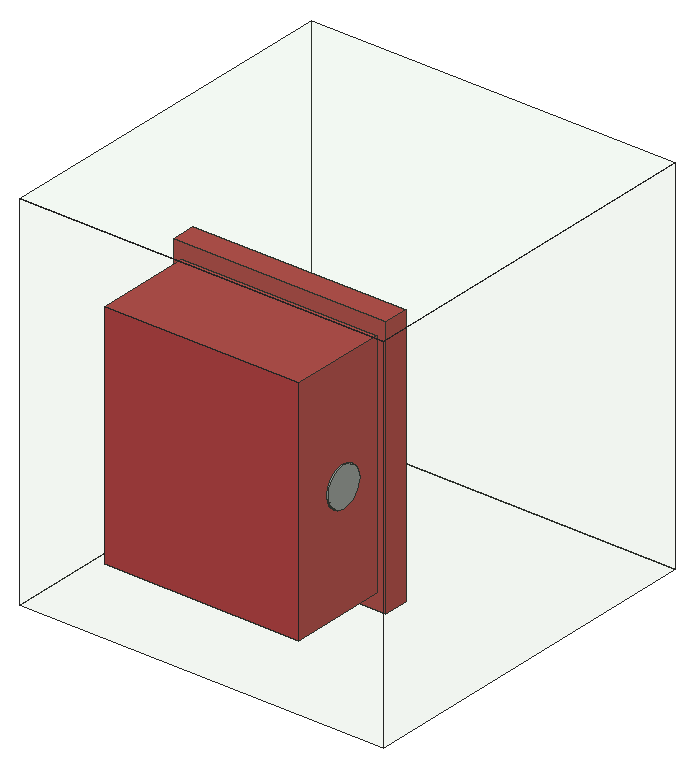
Revit family "ZETA_Коробка_Клемная_КМ 43-10_IP43", category Электрические приборы, Revit 2021
Family settings
  Сохранять ориентацию аннотаций = Нет
  Размер круглого соединителя = Использовать диаметр
  Тип детали = Нормальный
  На основе рабочей плоскости = Да
  Всегда вертикально = Нет
  При загрузке вырезать с полостями = Нет
  Общий = Нет
  Точка принадлежности помещению = Да
Parameters (values of type "43-10_IP43")
  УГО_Ширина = 10 mm
  УГО_Смещение_Х [instance] = 0 mm
  УГО_Смещение_Y [instance] = 0 mm
  УГО_Высота = 5 mm
  Температура эксплуатации = "от -40°С до +60°С"
  Сечение жил до = "4мм2"
  Сертификат = "RU C-RU.АД84.В.00192/20"
  Потолочное размещение [instance] = no
  Default Elevation = 1219.2 mm
  Описание = "Коробки клеммные соединительные КМ43 и КМ65 предназначены для\r\nсоединения и разветвления силовых электрических цепей и цепей КИПиА,\r\nвыполняемых контрольными и силовыми кабелями с алюминиевыми или медными\r\nжилами сечением 1,5-4мм2."
  Номинальный ток = "до 25A"
  Напряжение постоянного тока = "440 В"
  Напряжение переменного тока = "660 В"
  Крышка_Ширина = 160 mm
  Крышка_Длина = 190 mm
  Климатическое исполнение = "У3"
  Изготовитель = "АО «ЗЭТА»"  # constant formula
  Изготавливается по = "ТУ 27.33.13.120-047-99856433-2020"
  URL = "https://nzeta.ru/"
  D2 = 32 mm
  D1 = 25 mm
  В_УГО_Смещение_У [instance] = УГО_Смещение_Y + 2000 mm  # 2000 mm
  В_УГО_Смещение_X [instance] = УГО_Смещение_Х + 2000 mm  # 2000 mm
  ADSK_Ток = 0 A
  ADSK_Степень защиты_IP = "IP43"
  ADSK_Размер_Ширина = 175 mm
  ADSK_Размер_УголПоворота [instance] = if(Потолочное размещение, -90.00°, 180.00°)  # 180.00°
  ADSK_Размер_Длина = 215 mm
  ADSK_Размер_Высота = 100 mm
  ADSK_Примечание [instance] = ""
  ADSK_Полная мощность = 0 VA
  ADSK_Позиция [instance] = ""
  ADSK_Обозначение = "KK"
  ADSK_Номинальная мощность = 0 W
  ADSK_Номер стояка = ""
  ADSK_Номер линии = 0
  ADSK_Напряжение = 230 V
  ADSK_Наименование краткое = "КМ 43-10"
  ADSK_Наименование = "Коробка монтажная КМ 43-10 У3 IP43 ступенчатый ПВХ ввод ГОФРОМАТИК"
  ADSK_Материал наименование = "Сталь оцинкованная"
  ADSK_Масса_Текст = "1,1"
  ADSK_Масса = 1.1
  ADSK_Марка = "KK КМ 43-10 У3 IP43"
  ADSK_Коэффициент мощности = 1
  ADSK_Количество фаз числовое = 1
  ADSK_Количество фаз = 1
  ADSK_Количество = 1
  ADSK_Код изделия = "zeta30338"
  ADSK_Классификация нагрузок = Прочее
  ADSK_Завод-изготовитель = "АО «ЗЭТА»"  # constant formula
  ADSK_Единица измерения = "шт"  # constant formula
  ADSK_Версия семейства = "v.1"  # constant formula
  ADSK_Версия Revit = "2021"
  ADSK_URL страницы изделия = "https://nzeta.ru/catalog/?q=zeta30338"
  ADSK_URL документации изделия = "https://nzeta.ru/upload/uf/b07/ez5fyhqcbw18x8xhi5tj16wjdpmgnels/passport.pdf"
Reference planes
  plane 1 "По центру (Вперед/Назад)": y = 0
  plane 2: z = 0
  plane 3 "По центру (Влево/Вправо)": x = 0
  plane 4: x = -2000
  plane 5: y = -2000
  plane 6: x = 0
  plane 7: y = 0
Lines and regions (mm)
  reference lines
    curve 1: line (0, 0, 0) -> (0, 0, -180)
    curve 2: line (0, 0, 0) -> (0, 140, 0)
Dimensions and locks
  "В_УГО_Смещение_X": plane 4 to plane 6
  "В_УГО_Смещение_У": plane 7 to plane 5
  angle curve 2 to curve 1 = 90.00°
  "ADSK_Размер_УголПоворота": angle plane 1 "По центру (Вперед/Назад)" to curve 1
  aligned and locked: level to plane 2
  aligned and locked: plane 6 to nested 1
  aligned and locked: nested 1 to plane 7
  aligned and locked: plane 2 to curve 2
  aligned and locked: plane 1 "По центру (Вперед/Назад)" to curve 1
  aligned and locked: nested 2 to curve 2
Nested families
  nested 1: "УГО_Клеменная_Коробка_(GenAnn)" at (0, 0, 0), УГО_Высота <- "УГО_Высота", УГО_Длина <- "УГО_Ширина", ADSK_Обозначение <- "ADSK_Обозначение", ADSK_Степень защиты_IP <- "ADSK_Степень защиты_IP", type "УГО_Клеменная_Коробка_(GenAnn)", detail levels coarse+medium
    with УГО_Длина 10 mm, УГО_Высота 5 mm, ADSK_Степень защиты_IP "IP43", ADSK_Обозначение "KK"
  nested 2: "ZETA_Коробка_Клемная_КМ 43-10_IP43_Геометрия" at (0, 0, 0) x (0, 0, -1) z (0, 1, 0), type "43-10", detail levels medium+fine
  nested 3: "Zeta_Зона обслуживания" at (0, 0, 0) x (-1, 0, 0) z (0, 0, -1), type "Зона обслуживания_Куб", detail levels medium+fine
    with Зона обслуживания_Ширина 300 mm, Зона обслуживания_Длина 300 mm, Зона обслуживания_Высота 300 mm
Connectors
  cabletrayconduit at (-81.999, 43.588, 50), diameter 25, driven by "D1"
    settings: on nested 2, index 2, connector width 300 mm, connector height 300 mm, connector angle 0.00°, system type 32, placement type 0, profile type 0, connector reference index -1, is primary connector yes, connector utility param no, connector description ""
  cabletrayconduit at (-81.999, 43.588, 0), diameter 32, driven by "D2"
    settings: on nested 2, index 3, connector width 300 mm, connector height 300 mm, connector angle 0.00°, system type 32, placement type 0, profile type 0, connector reference index -1, is primary connector no, connector utility param no, connector description ""
  cabletrayconduit at (-81.999, 43.588, -50), diameter 25, driven by "D1"
    settings: on nested 2, index 4, connector width 300 mm, connector height 300 mm, connector angle 0.00°, system type 32, placement type 0, profile type 0, connector reference index -1, is primary connector no, connector utility param no, connector description ""
  electrical at (0, 0, 0), driven by "ADSK_Количество фаз", driven by "ADSK_Классификация нагрузок", driven by "ADSK_Напряжение", driven by "ADSK_Полная мощность", driven by "ADSK_Коэффициент мощности"
    settings: on nested 2, index 5, voltage 230 V, apparent load 0 VA, apparent load phase1 0 VA, apparent load phase2 0 VA, apparent load phase3 0 VA, power factor 1, load classification "Прочее", number of poles 1, system type 30, power factor state 1, is connector primary yes, connector utility no, sub classification motor no, connector description ""
  cabletrayconduit at (81.928, 43.588, 0), diameter 32, driven by "D2"
    settings: on nested 2, index 6, connector width 300 mm, connector height 300 mm, connector angle 0.00°, system type 32, placement type 0, profile type 0, connector reference index -1, is primary connector no, connector utility param no, connector description ""
Definition of nested family "ZETA_Коробка_Клемная_КМ 43-10_IP43_Геометрия"
  Parameters (values of type "65-10")
    Привязки_Штуцер = 100 mm
    Default Elevation = 1219.2 mm
    Основание_Ширина = ADSK_Размер_Ширина * 0.9142  # 159.985 mm
    Основание_Длина = ADSK_Размер_Длина * 0.8835  # 191.72 mm
    Manufacturer = "АО \"ЗЭТАРУС\""
    D2 = 32 mm
    D1 = 25 mm
    ADSK_Размер_Ширина = 175 mm
    ADSK_Размер_Длина = 217 mm
    ADSK_Размер_Высота = 100 mm
    65-20 = no
    65-10 = yes
  Reference planes
    plane 1 "По центру (Вперед/Назад)": y = 0
    plane 2: z = 0
    plane 3 "По центру (Влево/Вправо)": x = 0
    plane 4: x = -95.86
    plane 5: x = 95.86
    plane 6: y = -79.992
    plane 7: y = 79.993
    plane 8: x = -108.5
    plane 9: y = -87.5
    plane 10: x = 108.5
    plane 11: y = 87.5
    plane 12: z = 100
    plane 13: z = 79.822
    plane 14: y = -57.269
    plane 15: y = 57.269
    plane 16: z = 43.588
    plane 17: y = -81.999
    plane 18: y = 81.928
    plane 19: x = -50
    plane 20: x = 50
    plane 21: x = -19.172
    plane 22: x = -57.516
    plane 23: x = 19.172
    plane 24: x = 57.516
  Forms (mm)
    Extrusion 1, solid
      sketch origin (0, 0, 0) x (1, 0, 0) y (0, 1, 0)
        loop
          line (-95.86, 79.993) -> (-95.86, -79.992) -> (95.86, -79.992) -> (95.86, 79.993) -> (-95.86, 79.993)
      from 0 to 79.822
    Extrusion 2, solid
      sketch origin (0, 0, 0) x (1, 0, 0) y (0, 1, 0)
        loop
          line (-108.5, 87.5) -> (-108.5, -87.5) -> (108.5, -87.5) -> (108.5, 87.5) -> (-108.5, 87.5)
      from 100 to 79.822
    Extrusion 3, solid
      sketch origin (0, 0, 0) x (1, 0, 0) y (0, 0, 1)
        loop
          circle (-50, 43.588) r 12.5
      from 79.992 to 81.999
    Extrusion 4, solid
      sketch origin (43.5, 0, 0) x (1, 0, 0) y (0, 0, 1)
        loop
          circle (-43.5, 43.588) r 16
      from 81.999 to 79.992
    Extrusion 5, solid
      sketch origin (117, 0, 0) x (1, 0, 0) y (0, 0, 1)
        loop
          circle (-67, 43.588) r 12.5
      from 81.999 to 79.992
    Extrusion 6, solid, visible <- "65-20"
      sketch origin (85.899, 167.006, 14.478) x (1, 0, 0) y (0, 0, 1)
        loop
          circle (-105.071, 29.11) r 16
      from 85.079 to 87.014
    Extrusion 7, solid, visible <- "65-20"
      sketch origin (26.528, 167.006, 14.478) x (1, 0, 0) y (0, 0, 1)
        loop
          circle (-84.044, 29.11) r 16
      from 85.079 to 87.014
    Extrusion 8, solid, visible <- "65-20"
      sketch origin (145.27, 167.006, 14.478) x (1, 0, 0) y (0, 0, 1)
        loop
          circle (-126.098, 29.11) r 16
      from 85.079 to 87.014
    Extrusion 9, solid, visible <- "65-20"
      sketch origin (204.642, 167.006, 14.478) x (1, 0, 0) y (0, 0, 1)
        loop
          circle (-147.126, 29.11) r 16
      from 85.079 to 87.014
    Extrusion 10, solid, visible <- "65-10"
      sketch origin (115.585, 167.006, 14.478) x (1, 0, 0) y (0, 0, 1)
        loop
          circle (-115.585, 29.11) r 16
      from 85.079 to 87.014
  Dimensions and locks
    equal spacing: plane 4, plane 3 "По центру (Влево/Вправо)", plane 5
    equal spacing: plane 7, plane 1 "По центру (Вперед/Назад)", plane 6
    "Основание_Ширина": plane 7 to plane 6
    "Основание_Длина": plane 4 to plane 5
    equal spacing: plane 11, plane 1 "По центру (Вперед/Назад)", plane 9
    equal spacing: plane 8, plane 3 "По центру (Влево/Вправо)", plane 10
    "ADSK_Размер_Ширина": plane 11 to plane 9
    "ADSK_Размер_Длина": plane 8 to plane 10
    "ADSK_Размер_Высота": plane 12 to level
    locked: plane 6 to plane 17 at 2.006
    locked: plane 18 to plane 7 at 1.935
    equal spacing: plane 19, plane 3 "По центру (Влево/Вправо)", plane 20
    equal spacing: plane 4, plane 22, plane 21, plane 23, plane 24, plane 5
    "Привязки_Штуцер": plane 19 to plane 20
    "D1": diameter of Extrusion 3 sketch curve
    "D2": diameter of Extrusion 4 sketch curve
    "D1": diameter of Extrusion 5 sketch curve
    "D2": diameter of Extrusion 6 sketch curve
    "D2": diameter of Extrusion 7 sketch curve
    "D2": diameter of Extrusion 8 sketch curve
    "D2": diameter of Extrusion 9 sketch curve
    "D2": diameter of Extrusion 10 sketch curve
    aligned and locked: level to plane 2
    aligned and locked: Extrusion 1 sketch curve to plane 7
    aligned and locked: plane 4 to Extrusion 1 sketch curve
    aligned and locked: plane 6 to Extrusion 1 sketch curve
    aligned and locked: Extrusion 1 sketch curve to plane 5
    aligned and locked: Extrusion 2 sketch curve to plane 11
    aligned and locked: plane 8 to Extrusion 2 sketch curve
    aligned and locked: plane 9 to Extrusion 2 sketch curve
    aligned and locked: Extrusion 2 sketch curve to plane 10
    aligned and locked: Extrusion 2 to plane 13
    aligned and locked: Extrusion 1 to Extrusion 2
    aligned and locked: plane 16 to Extrusion 3 sketch curve
    aligned and locked: plane 6 to Extrusion 3
    aligned and locked: Extrusion 3 to plane 17
    aligned and locked: plane 18 to Extrusion 6
    aligned and locked: Extrusion 6 to plane 7
    aligned and locked: Extrusion 4 to Extrusion 1
    aligned and locked: Extrusion 4 to plane 17
    aligned and locked: Extrusion 5 to Extrusion 1
    aligned and locked: Extrusion 5 to plane 17
    aligned and locked: plane 19 to Extrusion 3 sketch curve
    aligned and locked: plane 20 to Extrusion 5 sketch curve
    aligned and locked: plane 16 to Extrusion 5 sketch curve
    aligned and locked: plane 16 to Extrusion 6 sketch curve
    aligned and locked: plane 21 to Extrusion 6 sketch curve
  Automatic sketch dimensions
    Extrusion 4 sketch curve to plane 3 "По центру (Влево/Вправо)" = 0 mm
    Extrusion 4 sketch curve to plane 16 = 0 mm
    Extrusion 7 sketch curve to plane 16 = 0 mm
    Extrusion 7 sketch curve to plane 22 = 0 mm
    Extrusion 8 sketch curve to plane 16 = 0 mm
    Extrusion 8 sketch curve to plane 23 = 0 mm
    Extrusion 9 sketch curve to plane 16 = 0 mm
    Extrusion 9 sketch curve to plane 24 = 0 mm
    Extrusion 10 sketch curve to plane 3 "По центру (Влево/Вправо)" = 0 mm
    Extrusion 10 sketch curve to plane 16 = 0 mm
Definition of nested family "Zeta_Зона обслуживания"
  Parameters (values of type "Зона обслуживания_Куб")
    Default Elevation = 1219.2 mm
    Зона обслуживания_Ширина [instance] = 300 mm
    Зона обслуживания_Длина [instance] = 300 mm
    Зона обслуживания_Высота [instance] = 300 mm
  Reference planes
    plane 1 "По центру (Вперед/Назад)": y = 0
    plane 2: z = 0
    plane 3 "По центру (Влево/Вправо)": x = 0
    plane 4: x = -150
    plane 5: x = 150
    plane 6: y = 300
    plane 7: z = 150
    plane 8: z = -150
  Forms (mm)
    Extrusion 1, solid
      sketch origin (0, 0, 0) x (1, 0, 0) y (0, 1, 0)
        loop
          line (-150, 300) -> (-150, 0) -> (150, 0) -> (150, 300) -> (-150, 300)
      from -150 to 150
  Dimensions and locks
    equal spacing: plane 4, plane 3 "По центру (Влево/Вправо)", plane 5
    "Зона обслуживания_Ширина": plane 6 to plane 1 "По центру (Вперед/Назад)"
    "Зона обслуживания_Длина": plane 4 to plane 5
    equal spacing: plane 7, level, plane 8
    "Зона обслуживания_Высота": plane 7 to plane 8
    aligned and locked: level to plane 2
    aligned and locked: Extrusion 1 sketch curve to plane 6
    aligned and locked: plane 4 to Extrusion 1 sketch curve
    aligned and locked: Extrusion 1 sketch curve to plane 5
    aligned and locked: Extrusion 1 to plane 8
    aligned and locked: plane 7 to Extrusion 1
    aligned and locked: plane 1 "По центру (Вперед/Назад)" to Extrusion 1
  Automatic sketch dimensions
    plane 1 "По центру (Вперед/Назад)" to Extrusion 1 sketch curve = 0 mm
Definition of nested family "УГО_Клеменная_Коробка_(GenAnn)"
  Parameters (values of type "УГО_Клеменная_Коробка_(GenAnn)")
    УГО_Длина [instance] = 10 mm
    УГО_Высота [instance] = 5 mm
    ADSK_Степень защиты_IP [instance] = ""
    ADSK_Обозначение [instance] = ""
  Reference planes
    plane 1: y = 0
    plane 2: x = 0
  Lines and regions (mm)
    Filled region 1, type "Filled region 1"
      outline origin (0, 0, 0) x (1, 0, 0) y (0, 1, 0)
        loop
          line (-5, 2.5) -> (-5, -2.5) -> (5, -2.5) -> (5, 2.5) -> (-5, 2.5)
    reference lines
      curve 1: line (-5, 2.5, 0) -> (-5, -2.5, 0)
      curve 2: line (-5, -2.5, 0) -> (5, -2.5, 0)
      curve 3: line (5, 2.5, 0) -> (5, -2.5, 0)
      curve 4: line (-5, 2.5, 0) -> (5, 2.5, 0)
  Text (mm)
    label "KK IP 54" at (0.033, -0.03, 0), shows "ADSK_Обозначение", "ADSK_Степень защиты_IP"
  Dimensions and locks
    equal spacing: curve 1, plane 2, curve 3
    equal spacing: curve 2, plane 1, curve 4
    "УГО_Длина": curve 1 to curve 3
    "УГО_Высота": curve 2 to curve 4
    aligned and locked: Filled region 1 sketch curve to curve 4
    aligned and locked: Filled region 1 sketch curve to curve 1
    aligned and locked: Filled region 1 sketch curve to curve 2
    aligned and locked: Filled region 1 sketch curve to curve 3
